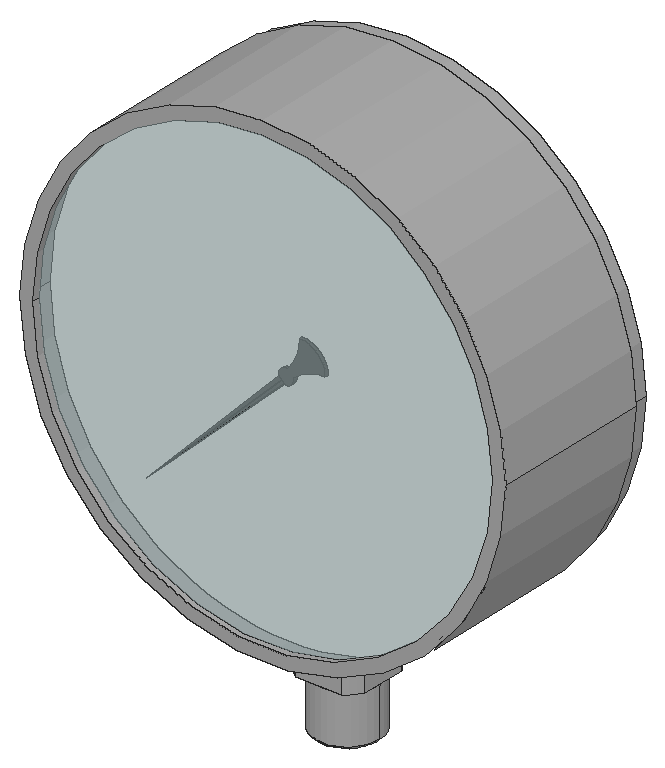
Revit family "РОСМА_МанометрКоррозионностТочнИзмерКорректирНуля", category Арматура трубопроводов, Revit 2018
Family settings
  Размер круглого соединителя = Использовать диаметр
  Тип детали = Вставляется
  На основе рабочей плоскости = Нет
  Всегда вертикально = Да
  При загрузке вырезать с полостями = Нет
  Общий = Нет
Parameters (values of type "621")
  Техническая документация = "ТУ 4212-001-4719015564-2008; ГОСТ 2405–88"  # constant formula
  Присоединение = "Радиальное"  # constant formula
  Межпроверочный интервал = "2 года"  # constant formula
  Климатическое исполнение = "Группа Д2 по ГОСТ Р 52931; климатическое исполнение УХЛ категории 1.1 по ГОСТ 15150"  # constant formula
  Ду [instance] = DN  # 15 mm
  Диапазон раб. температур при поверке = "23±5°C"  # constant formula
  Диапазон раб. температур окр. среды = "−60°C…+60°C"  # constant formula
  Диапазон раб. температур измер. среды = "−30°C…+100°C"  # constant formula
  Описание = "Тип ТВ — МТИ, серия 21. Манометры точных измерений коррозионностойкие применяются для измерения давления агрессивных жидких и газообразных, не вязких и не кристаллизующихся сред, в том числе газообразного и водного раствора аммиака и сероводородсодержащих сред."  # constant formula
  Код IP = "IP54"
  Класс точности = "0,6"
  Исполнение = 621
  Изготовитель = "ЗАО \"РОСМА\""
  Давление17 = ‎ : ТМ 0…60МПа
  Давление16 = ‎ : ТМ 0…40МПа
  Table = "спец_коррозионностойкий точных измерений с корректировкой нуля"  # constant formula
  Счетчик списка [instance] = if(Диапазон давлений = Давление01, 1, if(Диапазон давлений = Давление03, 3, if(Диапазон давлений = Давление04, 4, if(Диапазон давлений = Давление05, 5, if(Диапазон давлений = Давление06, 6, if(Диапазон давлений = Давление07, 7, if(Диапазон давлений = Давление08, 8, if(Диапазон давлений = Давление09, 9, if(Диапазон давлений = Давление10, 10, if(Диапазон давлений = Давление11, 11, if(Диапазон давлений = Давление12, 12, if(Диапазон давлений = Давление13, 13, if(Диапазон давлений = Давление14, 14, if(Диапазон давлений = Давление15, 15, if(Диапазон давлений = Давление19, 19, if(Диапазон давлений = Давление20, 20, if(Диапазон давлений = Давление21, 21, if(Диапазон давлений = Давление22, 22, if(Диапазон давлений = Давление23, 23, if(Диапазон давлений = Давление24, 24, if(Диапазон давлений = Давление17, 17, if(Диапазон давлений = Давление16, 16, 25))))))))))))))))))))))  # 17
  G [instance] = "M20"  # constant formula
  Dполости_переднСт = D2 - 6 mm  # 141 mm
  DN = 15.00 mm
  Длина стрелки = D2 / 2 - 15 mm  # 58.5 mm
  Диапазон давлений [instance] = ‎ : ТМ 0…60МПа
  Давление24 = ‎ : ТМВ -0.1…2.4МПа
  Давление23 = ‎ : ТМВ -0.1…1.5МПа
  Давление22 = ‎ : ТМВ -0.1…0.9МПа
  Давление21 = ‎ : ТМВ -0.1…0.5МПа
  Давление20 = ‎ : ТМВ -0.1…0.3МПа
  Давление19 = ‎ : ТМВ -0.1…0.15МПа
  Давление15 = ‎ : ТМ 0…25МПа
  Давление09 = ‎ : ТМ 0…1.6МПа
  Давление08 = ‎ : ТМ 0…1.0МПа
  Давление07 = ‎ : ТМ 0…0.6МПа
  Давление06 = ‎ : ТМ 0…0.4МПа
  Давление05 = ‎ : ТМ 0…0.25МПа
  Давление04 = ‎ : ТМ 0…0.16МПа
  Давление03 = ‎ : ТМ 0…0.1МПа
  Давление14 = ‎ : ТМ 0…16МПа
  Давление13 = ‎ : ТМ 0…10МПа
  Давление12 = ‎ : ТМ 0…6МПа
  Давление11 = ‎ : ТМ 0…4МПа
  Давление10 = ‎ : ТМ 0…2.5МПа
  Давление01 = ‎ : ТВ -0.1…0МПа
  Группа модели = "Оборудование"
  f = 15 mm
  e = 10 mm
  b-e = 5 mm
  b = 55 mm
  Youtube clip = ""
  URL = "https://rosma.spb.ru/manometers/manometry-tochnyh-izmerenij-korrozionnostojkie-s-korrektirovkoj-nulya/"
  S = 22 mm
  Rg2 = S / 2 + 6 mm  # 17 mm
  Rg1 = S / 2 + 2 mm  # 13 mm
  R_Logo = 25 mm
  R2 шкала = 59 mm
  R1 шкала = 60 mm
  h_rezba = 17 mm
  Lgol = 2 mm
  h_гайки = 17 mm
  Drezba = 20 mm
  Dgol = Drezba - 2 mm  # 18 mm
  Ddempfer = 6 mm
  D2 = 147 mm
  D2/2 = D2 / 2  # 73.5 mm
  D1 = 149 mm
  Copyright = "EPICON"  # constant formula
  Author (e-mail) = "project@epicon.biz"  # constant formula
  ADSK_Примечание [instance] = ""
  ADSK_Позиция [instance] = ""
  ADSK_Наименование [instance] = size_lookup(Table, "ADSK_Наименование", "Нет в каталоге", Счетчик списка)  # "Манометр ТМ серия 21, МТИ"
  ADSK_Масса_Текст [instance] = size_lookup(Table, "ADSK_Масса_Текст", "Нет в каталоге", Счетчик списка)  # "0,94"
  ADSK_Марка [instance] = size_lookup(Table, "ADSK_Марка", "Нет в каталоге", Счетчик списка)  # "ТМ-621РМТИ.00(0-60MPa)М20х1,5.0,6"
  ADSK_Количество = 1  # constant formula
  ADSK_Код изделия [instance] = " "
  ADSK_Завод-изготовитель [instance] = size_lookup(Table, "ADSK_Завод-изготовитель", "Нет в каталоге", Счетчик списка)  # "ЗАО \"РОСМА\""
  ADSK_Единица измерения = "шт."
Reference planes
  plane 1 "По центру (Вперед/Назад)": y = 0
  plane 2: z = 0
  plane 3 "По центру (Влево/Вправо)": x = 0
  plane 4 "b1": y = 15.6
  plane 5 "f2": y = -33.4
  plane 6 "f1": y = -15.6
  plane 7: z = 90.5
  plane 8 "стекло": y = -31.4
  plane 9 "Табло": y = -16.6
  plane 10 "sr": x = 11
  plane 11 "sl": x = -11
  plane 12 "sb": y = 11
  plane 13 "sf": y = -11
  plane 14 "низкорпуса": z = 17
  plane 15: z = -17
  plane 16: z = -19
  plane 17: z = 53.422
Forms (mm)
  Extrusion 1, solid, material "_НержавеющCталь", detail levels fine
    sketch origin (0, 0, 17) x (-1, 0, 0) y (0, -1, 0)
      loop
        line (11, -11) -> (11, 11) -> (-11, 11) -> (-11, -11) -> (11, -11)
    from 0 to -17
  Extrusion 2, void
    sketch origin (0, 0, 17) x (-1, 0, 0) y (0, -1, 0)
      loop
        circle (0, 0) r 13
      loop
        circle (0, 0) r 17
    from 0 to -17
  Extrusion 3, solid, material "_НержавеющCталь", detail levels fine
    sketch origin (0, 0, 17) x (-1, 0, 0) y (0, -1, 0)
      loop
        circle (0, 0) r 10
    from -17 to -34
  Sweep 4, void
    path in 3D
      loop
        arc (-10, 0, -17) -> (0, -10, -17) -> (10, 0, -17) r 10
        arc (10, 0, -17) -> (0, 10, -17) -> (-10, 0, -17) r 10
    profile origin (0, 10, -17) x (0, 1, 0) y (0, 0, -1)
      loop
        line (0, 0) -> (-1.016, 0) -> (0, -1.016) -> (0, 0)
  Sweep 5, void
    path in 3D
      loop
        arc (-10, 0, 0) -> (0, 10, 0) -> (10, 0, 0) r 10
        arc (10, 0, 0) -> (0, -10, 0) -> (-10, 0, 0) r 10
    profile origin (0, -10, 0) x (0, -1, 0) y (0, 0, 1)
      loop
        line (0, 0) -> (-1, 0) -> (0, -1) -> (0, 0)
  Extrusion 6, solid, material "_Нержавеющая сталь", detail levels fine
    sketch origin (-21.391, -1524, 2) x (-1, 0, 0) y (0, -1, 0)
      loop
        circle (-21.391, -1524) r 3
    from -21 to -2
Cuts and joins
  Extrusion 2, Sweep 5 cuts Extrusion 1
  Sweep 4, Sweep 5 cuts Extrusion 3
  joined: Extrusion 1, Extrusion 3
Lines and regions (mm)
  sketch lines
    curve 1: arc (10, 0, -17) -> (0, 10, -17) -> (-10, 0, -17) r 10
    curve 2: arc (-10, 0, -17) -> (0, -10, -17) -> (10, 0, -17) r 10
    curve 3: arc (10, 0, 0) -> (0, -10, 0) -> (-10, 0, 0) r 10
    curve 4: arc (-10, 0, 0) -> (0, 10, 0) -> (10, 0, 0) r 10
Dimensions and locks
  plane 5 "f2" to plane 1 "По центру (Вперед/Назад)" = 33.4 mm
  plane 1 "По центру (Вперед/Назад)" to plane 6 "f1" = 15.6 mm
  plane 4 "b1" to plane 1 "По центру (Вперед/Назад)" = 15.6 mm
  plane 8 "стекло" to plane 5 "f2" = 2 mm
  locked: plane 6 "f1" to plane 9 "Табло" at 1
  plane 3 "По центру (Влево/Вправо)" to plane 10 "sr" = 11 mm
  plane 11 "sl" to plane 3 "По центру (Влево/Вправо)" = 11 mm
  "D2/2": plane 7 to plane 14 "низкорпуса"
  plane 7 to plane 15 = 107.5 mm
  "h_гайки": plane 14 "низкорпуса" to plane 2
  equal spacing: plane 12 "sb", plane 1 "По центру (Вперед/Назад)", plane 13 "sf"
  equal spacing: plane 11 "sl", plane 3 "По центру (Влево/Вправо)", plane 10 "sr"
  "S": plane 11 "sl" to plane 10 "sr"
  "S": plane 12 "sb" to plane 13 "sf"
  "h_rezba": plane 2 to plane 15
  "Lgol": plane 15 to plane 16
  plane 17 to plane 14 "низкорпуса" = 36.422 mm
  "Rg1": radius of Extrusion 2 sketch curve
  "Rg2": radius of Extrusion 2 sketch curve
  "Drezba": diameter of Extrusion 3 sketch curve
  "Ddempfer": diameter of Extrusion 6 sketch curve
  aligned and locked: level to plane 2
  aligned and locked: plane 14 "низкорпуса" to cut or joined group of Extrusion 1, Extrusion 2, Extrusion 3, Sweep 4, Sweep 5
  aligned and locked: plane 14 "низкорпуса" to Extrusion 2
  aligned and locked: Extrusion 2 to Extrusion 1
  aligned and locked: cut or joined group of Extrusion 1, Extrusion 2, Extrusion 3, Sweep 4, Sweep 5 to plane 15
  aligned and locked: plane 2 to cut or joined group of Extrusion 1, Extrusion 2, Extrusion 3, Sweep 4, Sweep 5
  aligned and locked: Extrusion 6 to plane 16
  aligned and locked: cut or joined group of Extrusion 1, Extrusion 2, Extrusion 3, Sweep 4, Sweep 5 to plane 2
  aligned and locked: plane 2 to Extrusion 6
  aligned and locked: plane 7 to nested 2
  aligned and locked: plane 3 "По центру (Влево/Вправо)" to nested 2
  aligned and locked: plane 1 "По центру (Вперед/Назад)" to nested 2
  aligned and locked: plane 3 "По центру (Влево/Вправо)" to nested 3
  aligned and locked: plane 1 "По центру (Вперед/Назад)" to nested 3
Automatic sketch dimensions
  Extrusion 1 sketch curve to plane 10 "sr" = 0 mm
  Extrusion 1 sketch curve to plane 11 "sl" = 0 mm
  Extrusion 1 sketch curve to plane 12 "sb" = 0 mm
  Extrusion 1 sketch curve to plane 13 "sf" = 0 mm
  profile plane to Sweep 4 sketch curve = 0 mm
  Sweep 4 sketch curve to profile plane = 0 mm
  profile plane to Sweep 4 sketch curve = 1.016 mm
  Sweep 4 sketch curve to profile plane = 1.016 mm
  Sweep 5 sketch curve to profile plane = 0 mm  (x2)
  profile plane to Sweep 5 sketch curve = 1 mm
  Sweep 5 sketch curve to profile plane = 1 mm
  plane 1 "По центру (Вперед/Назад)" to Extrusion 3 sketch curve = 0 mm
  Extrusion 3 sketch curve to plane 3 "По центру (Влево/Вправо)" = 0 mm
  plane 1 "По центру (Вперед/Назад)" to Extrusion 6 sketch curve = 0 mm
  Extrusion 6 sketch curve to plane 3 "По центру (Влево/Вправо)" = 0 mm
  Extrusion 2 sketch curve to Extrusion 2 sketch curve = 0 mm  (x2)
  plane 1 "По центру (Вперед/Назад)" to Extrusion 2 sketch curve = 0 mm
  Extrusion 2 sketch curve to plane 3 "По центру (Влево/Вправо)" = 0 mm
Nested families
  nested 1: "‎" at (-85.407, -40.5, 0), type "ТВ -0.1…0МПа"
  nested 2: "Корпус манометра_КоррозионностТочнИзмКорректировкНуля" at (0, 0, 90.5), Dполости_переднСт <- "Dполости_переднСт", R2_шкала <- "R2 шкала", R1_шкала <- "R1 шкала", D1 <- "D1", D2 <- "D2", Диаметр полости <- "D2", R_лого <- "R_Logo", Длина стрелки <- "Длина стрелки", e <- "e", b-е <- "b-e", b <- "b", type "ТМ", detail levels fine
    with лого_задн_стенка yes, Угол раскрытия 0.00°, Материал корпуса _НержавеющCталь, Длина стрелки 58.5 mm, Диаметр полости 147 mm, e 10 mm, b-е 5 mm, b 55 mm, R_лого 25 mm, R2_шкала 59 mm, R1_шкала 60 mm, N2_шкала 0, N1_шкала 0, Dполости_переднСт 141 mm, D2 147 mm, D1 149 mm
  nested 3: "DAA_УГО_МанометрПоказывающий_ГОСТ21.208-2013" at (0, 0, 0), type "DAA_УГО_МанометрПоказывающий_ГОСТ21.208-2013", detail levels coarse+medium
Connectors
  piping at (0, 0, 0), diameter 15, driven by "DN"
    settings: on Extrusion 6, index 1, connector inside diameter 609.6 mm, connector length 0 mm, flow factor 0, pipe flow 0.0 L/s, pressure drop 0 MPa, fitting loss kfactor 0, connector angle 0.00°, fixture units 0, engagement length 0 mm, angle of deflection 0.00°, flow configuration 0, flow direction 0, fitting loss method 0, system type 7, joint type 0, gender type 0, connector reference index -1, connector utility 0, adjustable connector no, is connector primary yes, connector description ""
Definition of nested family "Корпус манометра_КоррозионностТочнИзмКорректировкНуля"
  Parameters (values of type "ТМ")
    лого_задн_стенка [instance] = yes
    блокировка = 16.236 mm
    блок = 0 mm
    Угол раскрытия [instance] = 0.00°
    Description = ""
    Материал корпуса [instance] = none
    Manufacturer = ""
    Длина стрелки [instance] = 30.558 mm
    Диаметр полости [instance] = 98 mm
    Model = "Оборудование"
    e [instance] = 13.8 mm
    b-е [instance] = 5 mm
    b [instance] = 55 mm
    URL = ""
    R_лого [instance] = 21.217 mm
    N2_шкала [instance] = 0
    N1_шкала [instance] = 0
    Dполости_переднСт [instance] = 70 mm
    D2 [instance] = 98 mm
    D1 [instance] = 100 mm
    Copyright = "ЭПИКОН"  # constant formula
    Author (e-mail) = "https://epicon.biz"  # constant formula
    R2_шкала [instance] = 80 mm
    R1_шкала [instance] = 60 mm
  Reference planes
    plane 1 "По центру (Вперед/Назад)": y = 0
    plane 2: z = 0
    plane 3 "По центру (Влево/Вправо)": x = 0
    plane 4 "задняя стенка": y = 20.6
    plane 5 "f2": y = -34.4
    plane 6 "f1": y = -20.6
    plane 7 "стекло": y = -32.4
    plane 8 "Табло": y = -21.6
    plane 9 "sr": x = 11
    plane 10 "sl": x = -11
    plane 11 "sb": y = 11
    plane 12 "sf": y = -11
    plane 13: z = -49
    plane 14: through (-2.116, -1524, -0.789) normal (0.7071, 0, 0.7071)
    plane 15: through (0, -1524, 0) normal (0.7071, 0, -0.7071)
    plane 16: through (0, -1524, 0) normal (0.7071, 0, -0.7071)
    plane 17: through (-25.815, -1524, -20.305) normal (0.7071, 0, 0.7071)
    plane 18: y = 15.6
    plane 19 "толщина стрелки": y = -21.6
    plane 20: y = 15.6
  Forms (mm)
    Extrusion 1, void
      sketch origin (-603.868, 0, -179.968) x (1, 0, 0) y (0, 0, 1)
        loop
          circle (603.868, 179.968) r 49
      from -15.6 to 32.4
    Extrusion 2, solid, detail levels fine
      sketch origin (-355.068, -32.4, -174.854) x (-1, 0, 0) y (0, 0, 1)
        loop
          circle (-355.068, 174.854) r 49
      from 0 to 2
    Extrusion 3, solid, material <- "Материал корпуса", detail levels fine
      sketch origin (-402.089, 0, -169.881) x (1, 0, 0) y (0, 0, 1)
        loop
          circle (402.089, 169.881) r 50
      from -15.6 to 34.4
    Extrusion 4, solid, material <- "Материал корпуса", detail levels fine
      sketch origin (-312.609, 0, -285.527) x (1, 0, 0) y (0, 0, 1)
        loop
          circle (312.609, 285.527) r 49
      from -20.6 to 20.6
    Extrusion 5, solid, detail levels fine
      sketch origin (-55.684, -21.6, 0) x (-1, 0, 0) y (0, 0, 1)
        loop
          arc (-56.075, 2.339) -> (-58.877, 6.819) -> (-59.807, 12.021) r 13.923
          arc (-59.807, 12.021) -> (-65.373, 9.716) -> (-67.678, 4.15) r 7.871
          arc (-67.678, 4.15) -> (-62.461, 3.301) -> (-58.013, 0.444) r 12.998
          arc (-58.013, 0.444) -> (-54.026, -1.695) -> (-56.075, 2.339) r 2.371
      from 0 to 1
    Extrusion 6, solid
      sketch origin (0, -21.6, 0) x (-1, 0, 0) y (0, 0, 1)
        loop
          line (23.06, -23.06) -> (2.291, -0.614) -> (1.452, -1.452) -> (23.06, -23.06)
      from 0 to 1
    Extrusion 7, solid
      sketch origin (0, -21.6, 0) x (0, 0, -1) y (-1, 0, 0)
        loop
          line (23.06, 23.06) -> (1.452, 1.452) -> (2.291, 0.614) -> (23.06, 23.06)
      from 0 to 1
    Extrusion 8, void
      sketch origin (0, -21.6, 0) x (-1, 0, 0) y (0, 0, 1)
        loop
          circle (0, 0) r 35
      from -12.8 to -10.8
  Cuts and joins
    Extrusion 1, Extrusion 8 cuts Extrusion 3
  Lines and regions (mm)
    model lines, visible <- "лого_задн_стенка", not visible
      curve 1: line (97.62, 20.6, 6.514) -> (97.62, 20.6, 2.045)
      curve 2: line (97.62, 20.6, 2.045) -> (96.54, 20.6, 2.045)
      curve 3: line (96.54, 20.6, 2.045) -> (96.54, 20.6, 3.335)
      curve 4: line (96.54, 20.6, 3.335) -> (95.49, 20.6, 3.335)
      curve 5: line (95.712, 20.6, 6.514) -> (97.62, 20.6, 6.514)
      curve 6: arc (95.712, 20.6, 6.514) -> (94.35, 20.6, 5.012) -> (95.49, 20.6, 3.335) r 1.639
      curve 7: line (95.834, 20.6, 5.755) -> (96.697, 20.6, 5.755)
      curve 8: line (96.697, 20.6, 5.755) -> (96.697, 20.6, 4.198)
      curve 9: line (96.697, 20.6, 4.198) -> (95.834, 20.6, 4.198)
      curve 10: arc (95.834, 20.6, 5.755) -> (95.056, 20.6, 4.977) -> (95.834, 20.6, 4.198) r 0.779
      curve 11: circle (91.712, 20.6, 4.198) r 2.25 normal (0, -1, 0)
      curve 12: circle (91.712, 20.6, 4.198) r 1.301 normal (0, -1, 0)
      curve 13: arc (85.593, 20.6, 5.171) -> (87.99, 20.6, 4.265) -> (85.603, 20.6, 3.335) r 1.372
      curve 14: arc (84.964, 20.6, 2.754) -> (88.939, 20.6, 4.277) -> (84.964, 20.6, 5.801) r 2.28
      curve 15: line (84.964, 20.6, 5.801) -> (85.593, 20.6, 5.171)
      curve 16: line (85.603, 20.6, 3.335) -> (84.964, 20.6, 2.754)
      curve 17: line (84.167, 20.6, 2.029) -> (84.167, 20.6, 6.597)
      curve 18: line (84.167, 20.6, 6.597) -> (83.045, 20.6, 6.597)
      curve 19: line (83.045, 20.6, 6.597) -> (81.77, 20.6, 3.983)
      curve 20: line (81.77, 20.6, 3.983) -> (80.438, 20.6, 6.597)
      curve 21: line (80.438, 20.6, 6.597) -> (79.394, 20.6, 6.597)
      curve 22: line (79.394, 20.6, 6.597) -> (79.394, 20.6, 2.029)
      curve 23: line (79.394, 20.6, 2.029) -> (80.365, 20.6, 2.029)
      curve 24: line (80.365, 20.6, 2.029) -> (80.365, 20.6, 4.099)
      curve 25: line (80.365, 20.6, 4.099) -> (81.305, 20.6, 2.595)
      curve 26: line (81.305, 20.6, 2.595) -> (82.194, 20.6, 2.595)
      curve 27: line (82.194, 20.6, 2.595) -> (83.119, 20.6, 4.134)
      curve 28: line (83.119, 20.6, 4.134) -> (83.119, 20.6, 2.029)
      curve 29: line (83.119, 20.6, 2.029) -> (84.167, 20.6, 2.029)
      curve 30: line (78.906, 20.6, 2.029) -> (77.704, 20.6, 6.517)
      curve 31: line (77.704, 20.6, 6.517) -> (76.253, 20.6, 6.517)
      curve 32: line (76.253, 20.6, 6.517) -> (75.05, 20.6, 2.029)
      curve 33: line (75.05, 20.6, 2.029) -> (76.023, 20.6, 2.029)
      curve 34: line (76.023, 20.6, 2.029) -> (76.374, 20.6, 3.173)
      curve 35: line (76.374, 20.6, 3.173) -> (77.569, 20.6, 3.173)
      curve 36: line (77.569, 20.6, 3.173) -> (77.92, 20.6, 2.029)
      curve 37: line (77.92, 20.6, 2.029) -> (78.906, 20.6, 2.029)
      curve 38: line (77.47, 20.6, 4.202) -> (76.506, 20.6, 4.202)
      curve 39: line (76.506, 20.6, 4.202) -> (76.95, 20.6, 5.65)
      curve 40: line (76.95, 20.6, 5.65) -> (77.47, 20.6, 4.202)
      curve 41: arc (87.126, 20.6, 18.346) -> (89.931, 20.6, 13.899) -> (85.119, 20.6, 11.78) r 3.471
      curve 42: arc (87.164, 20.6, 20.585) -> (92.034, 20.6, 12.938) -> (83.388, 20.6, 10.21) r 5.715
      curve 43: line (83.388, 20.6, 10.21) -> (85.119, 20.6, 11.78)
      curve 44: line (87.126, 20.6, 18.346) -> (87.126, 20.6, 17.124)
      curve 45: line (87.126, 20.6, 17.124) -> (84.252, 20.6, 19.536)
      curve 46: line (84.252, 20.6, 19.536) -> (87.126, 20.6, 21.948)
      curve 47: line (87.126, 20.6, 21.948) -> (87.164, 20.6, 20.585)
      curve 48: arc (83.468, 20.6, 20.663) -> (79.577, 20.6, 17.734) -> (82.187, 20.6, 13.622) r 3.59
      curve 49: arc (82.763, 20.6, 18.317) -> (81.865, 20.6, 17.051) -> (82.819, 20.6, 15.827) r 1.3
      curve 50: line (83.468, 20.6, 20.663) -> (82.175, 20.6, 19.499)
      curve 51: line (82.175, 20.6, 19.499) -> (83.518, 20.6, 18.332)
      curve 52: line (83.518, 20.6, 18.332) -> (82.763, 20.6, 18.317)
      curve 53: line (82.819, 20.6, 15.827) -> (86.12, 20.6, 15.827)
      curve 54: line (86.12, 20.6, 15.827) -> (86.917, 20.6, 15.03)
      curve 55: line (86.917, 20.6, 15.03) -> (81.209, 20.6, 9.322)
      curve 56: line (81.209, 20.6, 9.322) -> (79.962, 20.6, 11.397)
      curve 57: line (79.962, 20.6, 11.397) -> (82.187, 20.6, 13.622)
    model lines, detail levels fine
      curve 58: line (60.033, -20.6, -60.174) -> (58.238, -20.6, -58.379)
      curve 59: line (-60.174, -20.6, -60.033) -> (-58.379, -20.6, -58.238)
      curve 60: line (63.15, -20.6, -56.894) -> (61.262, -20.6, -55.197)
      curve 61: line (66.088, -20.6, -53.453) -> (64.113, -20.6, -51.858)
      curve 62: line (68.885, -20.6, -49.797) -> (66.826, -20.6, -48.312)
      curve 63: line (71.452, -20.6, -46.038) -> (69.316, -20.6, -44.666)
      curve 64: line (73.813, -20.6, -42.148) -> (71.607, -20.6, -40.892)
      curve 65: line (75.963, -20.6, -38.137) -> (73.693, -20.6, -37)
      curve 66: line (77.896, -20.6, -34.016) -> (75.568, -20.6, -33.003)
      curve 67: line (79.605, -20.6, -29.798) -> (77.226, -20.6, -28.911)
      curve 68: line (81.086, -20.6, -25.494) -> (78.663, -20.6, -24.736)
      curve 69: line (82.334, -20.6, -21.118) -> (79.874, -20.6, -20.49)
      curve 70: line (83.346, -20.6, -16.681) -> (80.857, -20.6, -16.185)
      curve 71: line (84.12, -20.6, -12.196) -> (81.607, -20.6, -11.835)
      curve 72: line (84.652, -20.6, -7.676) -> (82.123, -20.6, -7.45)
      curve 73: line (84.941, -20.6, -3.134) -> (82.404, -20.6, -3.043)
      curve 74: line (84.987, -20.6, 1.417) -> (82.449, -20.6, 1.372)
      curve 75: line (84.79, -20.6, 5.964) -> (82.258, -20.6, 5.783)
      curve 76: line (84.349, -20.6, 10.494) -> (81.83, -20.6, 10.177)
      curve 77: line (83.666, -20.6, 14.993) -> (81.168, -20.6, 14.543)
      curve 78: line (82.744, -20.6, 19.45) -> (80.273, -20.6, 18.866)
      curve 79: line (81.584, -20.6, 23.851) -> (79.149, -20.6, 23.136)
      curve 80: line (80.191, -20.6, 28.183) -> (77.797, -20.6, 27.339)
      curve 81: line (78.567, -20.6, 32.435) -> (76.222, -20.6, 31.464)
      curve 82: line (76.718, -20.6, 36.594) -> (74.429, -20.6, 35.498)
      curve 83: line (74.65, -20.6, 40.648) -> (72.422, -20.6, 39.431)
      curve 84: line (72.367, -20.6, 44.585) -> (70.208, -20.6, 43.251)
      curve 85: line (69.877, -20.6, 48.395) -> (67.792, -20.6, 46.947)
      curve 86: line (67.187, -20.6, 52.065) -> (65.182, -20.6, 50.508)
      curve 87: line (64.304, -20.6, 55.587) -> (62.385, -20.6, 53.924)
      curve 88: line (61.236, -20.6, 58.949) -> (59.409, -20.6, 57.186)
      curve 89: line (57.993, -20.6, 62.142) -> (56.263, -20.6, 60.284)
      curve 90: line (54.584, -20.6, 65.157) -> (52.956, -20.6, 63.209)
      curve 91: line (51.018, -20.6, 67.985) -> (49.497, -20.6, 65.953)
      curve 92: line (47.306, -20.6, 70.618) -> (45.896, -20.6, 68.508)
      curve 93: line (43.459, -20.6, 73.049) -> (42.163, -20.6, 70.866)
      curve 94: line (39.486, -20.6, 75.271) -> (38.31, -20.6, 73.021)
      curve 95: line (35.401, -20.6, 77.276) -> (34.346, -20.6, 74.967)
      curve 96: line (31.214, -20.6, 79.06) -> (30.285, -20.6, 76.698)
      curve 97: line (26.938, -20.6, 80.618) -> (26.136, -20.6, 78.209)
      curve 98: line (22.584, -20.6, 81.944) -> (21.912, -20.6, 79.496)
      curve 99: line (18.166, -20.6, 83.035) -> (17.626, -20.6, 80.555)
      curve 100: line (13.695, -20.6, 83.888) -> (13.289, -20.6, 81.383)
      curve 101: line (9.186, -20.6, 84.501) -> (8.914, -20.6, 81.977)
      curve 102: line (4.65, -20.6, 84.872) -> (4.514, -20.6, 82.337)
      curve 103: line (0.1, -20.6, 84.999) -> (0.1, -20.6, 82.461)
      curve 104: line (-4.449, -20.6, 84.883) -> (-4.314, -20.6, 82.348)
      curve 105: line (-8.986, -20.6, 84.523) -> (-8.715, -20.6, 81.999)
      curve 106: line (-13.498, -20.6, 83.921) -> (-13.091, -20.6, 81.415)
      curve 107: line (-17.97, -20.6, 83.078) -> (-17.43, -20.6, 80.597)
      curve 108: line (-22.391, -20.6, 81.997) -> (-21.719, -20.6, 79.549)
      curve 109: line (-26.748, -20.6, 80.681) -> (-25.946, -20.6, 78.272)
      curve 110: line (-31.028, -20.6, 79.134) -> (-30.098, -20.6, 76.771)
      curve 111: line (-35.219, -20.6, 77.359) -> (-34.164, -20.6, 75.05)
      curve 112: line (-39.309, -20.6, 75.363) -> (-38.132, -20.6, 73.114)
      curve 113: line (-43.286, -20.6, 73.151) -> (-41.991, -20.6, 70.968)
      curve 114: line (-47.14, -20.6, 70.73) -> (-45.729, -20.6, 68.619)
      curve 115: line (-50.858, -20.6, 68.105) -> (-49.337, -20.6, 66.073)
      curve 116: line (-54.43, -20.6, 65.285) -> (-52.802, -20.6, 63.338)
      curve 117: line (-57.847, -20.6, 62.279) -> (-56.117, -20.6, 60.421)
      curve 118: line (-61.097, -20.6, 59.093) -> (-59.27, -20.6, 57.33)
      curve 119: line (-64.172, -20.6, 55.738) -> (-62.254, -20.6, 54.076)
      curve 120: line (-67.064, -20.6, 52.224) -> (-65.059, -20.6, 50.666)
      curve 121: line (-69.763, -20.6, 48.559) -> (-67.678, -20.6, 47.111)
      curve 122: line (-72.262, -20.6, 44.756) -> (-70.102, -20.6, 43.421)
      curve 123: line (-74.554, -20.6, 40.824) -> (-72.326, -20.6, 39.607)
      curve 124: line (-76.632, -20.6, 36.775) -> (-74.342, -20.6, 35.679)
      curve 125: line (-78.491, -20.6, 32.62) -> (-76.145, -20.6, 31.649)
      curve 126: line (-80.124, -20.6, 28.372) -> (-77.73, -20.6, 27.528)
      curve 127: line (-81.528, -20.6, 24.043) -> (-79.092, -20.6, 23.328)
      curve 128: line (-82.698, -20.6, 19.645) -> (-80.227, -20.6, 19.061)
      curve 129: line (-83.631, -20.6, 15.19) -> (-81.133, -20.6, 14.74)
      curve 130: line (-84.324, -20.6, 10.692) -> (-81.805, -20.6, 10.376)
      curve 131: line (-84.775, -20.6, 6.164) -> (-82.243, -20.6, 5.983)
      curve 132: line (-84.984, -20.6, 1.617) -> (-82.446, -20.6, 1.572)
      curve 133: line (-84.948, -20.6, -2.934) -> (-82.412, -20.6, -2.843)
      curve 134: line (-84.67, -20.6, -7.476) -> (-82.141, -20.6, -7.25)
      curve 135: line (-84.148, -20.6, -11.997) -> (-81.635, -20.6, -11.636)
      curve 136: line (-83.385, -20.6, -16.484) -> (-80.896, -20.6, -15.989)
      curve 137: line (-82.383, -20.6, -20.924) -> (-79.924, -20.6, -20.296)
      curve 138: line (-81.145, -20.6, -25.303) -> (-78.723, -20.6, -24.545)
      curve 139: line (-79.675, -20.6, -29.61) -> (-77.296, -20.6, -28.723)
      curve 140: line (-77.976, -20.6, -33.832) -> (-75.648, -20.6, -32.819)
      curve 141: line (-76.053, -20.6, -37.957) -> (-73.783, -20.6, -36.821)
      curve 142: line (-73.912, -20.6, -41.974) -> (-71.707, -20.6, -40.718)
      curve 143: line (-71.56, -20.6, -45.87) -> (-69.424, -20.6, -44.497)
      curve 144: line (-69.002, -20.6, -49.634) -> (-66.943, -20.6, -48.149)
      curve 145: line (-66.247, -20.6, -53.256) -> (-64.27, -20.6, -51.663)
      curve 146: line (-63.301, -20.6, -56.726) -> (-61.413, -20.6, -55.029)
      curve 147: line (43.52, -20.6, -43.52) -> (41.332, -20.6, -41.332)
      curve 148: line (-43.52, -20.6, -43.52) -> (-41.332, -20.6, -41.332)
      curve 149: line (60.365, -20.6, -12.007) -> (57.33, -20.6, -11.404)
      curve 150: line (56.862, -20.6, 23.553) -> (54.003, -20.6, 22.369)
      curve 151: line (34.194, -20.6, 51.175) -> (32.475, -20.6, 48.602)
      curve 152: line (0, -20.6, 61.547) -> (0, -20.6, 58.453)
      curve 153: line (-34.194, -20.6, 51.175) -> (-32.475, -20.6, 48.602)
      curve 154: line (-56.862, -20.6, 23.553) -> (-54.003, -20.6, 22.369)
      curve 155: line (-60.365, -20.6, -12.007) -> (-57.33, -20.6, -11.404)
    model lines, not visible, detail levels fine
      curve 156: line (248.297, -16.6, -114.05) -> (246.109, -16.6, -111.861)
      curve 157: line (264.809, -16.6, -130.703) -> (263.014, -16.6, -128.908)
      curve 217: line (60.033, -16.6, -60.174) -> (58.238, -16.6, -58.379)
      curve 218: line (-60.174, -16.6, -60.033) -> (-58.379, -16.6, -58.238)
      curve 219: line (63.15, -16.6, -56.894) -> (61.262, -16.6, -55.197)
      curve 220: line (66.088, -16.6, -53.453) -> (64.113, -16.6, -51.858)
      curve 221: line (68.885, -16.6, -49.797) -> (66.826, -16.6, -48.312)
      curve 222: line (71.452, -16.6, -46.038) -> (69.316, -16.6, -44.666)
      curve 223: line (73.813, -16.6, -42.148) -> (71.607, -16.6, -40.892)
      curve 224: line (75.963, -16.6, -38.137) -> (73.693, -16.6, -37)
      curve 225: line (77.896, -16.6, -34.016) -> (75.568, -16.6, -33.003)
      curve 226: line (79.605, -16.6, -29.798) -> (77.226, -16.6, -28.911)
      curve 227: line (81.086, -16.6, -25.494) -> (78.663, -16.6, -24.736)
      curve 228: line (82.334, -16.6, -21.118) -> (79.874, -16.6, -20.49)
      curve 229: line (83.346, -16.6, -16.681) -> (80.857, -16.6, -16.185)
      curve 230: line (84.12, -16.6, -12.196) -> (81.607, -16.6, -11.835)
      curve 231: line (84.652, -16.6, -7.676) -> (82.123, -16.6, -7.45)
      curve 232: line (84.941, -16.6, -3.134) -> (82.404, -16.6, -3.043)
      curve 233: line (84.987, -16.6, 1.417) -> (82.449, -16.6, 1.372)
      curve 234: line (84.79, -16.6, 5.964) -> (82.258, -16.6, 5.783)
      curve 235: line (84.349, -16.6, 10.494) -> (81.83, -16.6, 10.177)
      curve 236: line (83.666, -16.6, 14.993) -> (81.168, -16.6, 14.543)
      curve 237: line (82.744, -16.6, 19.45) -> (80.273, -16.6, 18.866)
      curve 238: line (81.584, -16.6, 23.851) -> (79.149, -16.6, 23.136)
      curve 239: line (80.191, -16.6, 28.183) -> (77.797, -16.6, 27.339)
      curve 240: line (78.567, -16.6, 32.435) -> (76.222, -16.6, 31.464)
      curve 241: line (76.718, -16.6, 36.594) -> (74.429, -16.6, 35.498)
      curve 242: line (74.65, -16.6, 40.648) -> (72.422, -16.6, 39.431)
      curve 243: line (72.367, -16.6, 44.585) -> (70.208, -16.6, 43.251)
      curve 244: line (69.877, -16.6, 48.395) -> (67.792, -16.6, 46.947)
      curve 245: line (67.187, -16.6, 52.065) -> (65.182, -16.6, 50.508)
      curve 246: line (64.304, -16.6, 55.587) -> (62.385, -16.6, 53.924)
      curve 247: line (61.236, -16.6, 58.949) -> (59.409, -16.6, 57.186)
      curve 248: line (57.993, -16.6, 62.142) -> (56.263, -16.6, 60.284)
      curve 249: line (54.584, -16.6, 65.157) -> (52.956, -16.6, 63.209)
      curve 250: line (51.018, -16.6, 67.985) -> (49.497, -16.6, 65.953)
      curve 251: line (47.306, -16.6, 70.618) -> (45.896, -16.6, 68.508)
      curve 252: line (43.459, -16.6, 73.049) -> (42.163, -16.6, 70.866)
      curve 253: line (39.486, -16.6, 75.271) -> (38.31, -16.6, 73.021)
      curve 254: line (35.401, -16.6, 77.276) -> (34.346, -16.6, 74.967)
      curve 255: line (31.214, -16.6, 79.06) -> (30.285, -16.6, 76.698)
      curve 256: line (26.938, -16.6, 80.618) -> (26.136, -16.6, 78.209)
      curve 257: line (22.584, -16.6, 81.944) -> (21.912, -16.6, 79.496)
      curve 258: line (18.166, -16.6, 83.035) -> (17.626, -16.6, 80.555)
      curve 259: line (13.695, -16.6, 83.888) -> (13.289, -16.6, 81.383)
      curve 260: line (9.186, -16.6, 84.501) -> (8.914, -16.6, 81.977)
      curve 261: line (4.65, -16.6, 84.872) -> (4.514, -16.6, 82.337)
      curve 262: line (0.1, -16.6, 84.999) -> (0.1, -16.6, 82.461)
      curve 263: line (-4.449, -16.6, 84.883) -> (-4.314, -16.6, 82.348)
      curve 264: line (-8.986, -16.6, 84.523) -> (-8.715, -16.6, 81.999)
      curve 265: line (-13.498, -16.6, 83.921) -> (-13.091, -16.6, 81.415)
      curve 266: line (-17.97, -16.6, 83.078) -> (-17.43, -16.6, 80.597)
      curve 267: line (-22.391, -16.6, 81.997) -> (-21.719, -16.6, 79.549)
      curve 268: line (-26.748, -16.6, 80.681) -> (-25.946, -16.6, 78.272)
      curve 269: line (-31.028, -16.6, 79.134) -> (-30.098, -16.6, 76.771)
      curve 270: line (-35.219, -16.6, 77.359) -> (-34.164, -16.6, 75.05)
      curve 271: line (-39.309, -16.6, 75.363) -> (-38.132, -16.6, 73.114)
      curve 272: line (-43.286, -16.6, 73.151) -> (-41.991, -16.6, 70.968)
      curve 273: line (-47.14, -16.6, 70.73) -> (-45.729, -16.6, 68.619)
      curve 274: line (-50.858, -16.6, 68.105) -> (-49.337, -16.6, 66.073)
      curve 275: line (-54.43, -16.6, 65.285) -> (-52.802, -16.6, 63.338)
      curve 276: line (-57.847, -16.6, 62.279) -> (-56.117, -16.6, 60.421)
      curve 277: line (-61.097, -16.6, 59.093) -> (-59.27, -16.6, 57.33)
      curve 278: line (-64.172, -16.6, 55.738) -> (-62.254, -16.6, 54.076)
      curve 279: line (-67.064, -16.6, 52.224) -> (-65.059, -16.6, 50.666)
      curve 280: line (-69.763, -16.6, 48.559) -> (-67.678, -16.6, 47.111)
      curve 281: line (-72.262, -16.6, 44.756) -> (-70.102, -16.6, 43.421)
      curve 282: line (-74.554, -16.6, 40.824) -> (-72.326, -16.6, 39.607)
      curve 283: line (-76.632, -16.6, 36.775) -> (-74.342, -16.6, 35.679)
      curve 284: line (-78.491, -16.6, 32.62) -> (-76.145, -16.6, 31.649)
      curve 285: line (-80.124, -16.6, 28.372) -> (-77.73, -16.6, 27.528)
      curve 286: line (-81.528, -16.6, 24.043) -> (-79.092, -16.6, 23.328)
      curve 287: line (-82.698, -16.6, 19.645) -> (-80.227, -16.6, 19.061)
      curve 288: line (-83.631, -16.6, 15.19) -> (-81.133, -16.6, 14.74)
      curve 289: line (-84.324, -16.6, 10.692) -> (-81.805, -16.6, 10.376)
      curve 290: line (-84.775, -16.6, 6.164) -> (-82.243, -16.6, 5.983)
      curve 291: line (-84.984, -16.6, 1.617) -> (-82.446, -16.6, 1.572)
      curve 292: line (-84.948, -16.6, -2.934) -> (-82.412, -16.6, -2.843)
      curve 293: line (-84.67, -16.6, -7.476) -> (-82.141, -16.6, -7.25)
      curve 294: line (-84.148, -16.6, -11.997) -> (-81.635, -16.6, -11.636)
      curve 295: line (-83.385, -16.6, -16.484) -> (-80.896, -16.6, -15.989)
      curve 296: line (-82.383, -16.6, -20.924) -> (-79.924, -16.6, -20.296)
      curve 297: line (-81.145, -16.6, -25.303) -> (-78.723, -16.6, -24.545)
      curve 298: line (-79.675, -16.6, -29.61) -> (-77.296, -16.6, -28.723)
      curve 299: line (-77.976, -16.6, -33.832) -> (-75.648, -16.6, -32.819)
      curve 300: line (-76.053, -16.6, -37.957) -> (-73.783, -16.6, -36.821)
      curve 301: line (-73.912, -16.6, -41.974) -> (-71.707, -16.6, -40.718)
      curve 302: line (-71.56, -16.6, -45.87) -> (-69.424, -16.6, -44.497)
      curve 303: line (-69.002, -16.6, -49.634) -> (-66.943, -16.6, -48.149)
      curve 304: line (-66.247, -16.6, -53.256) -> (-64.27, -16.6, -51.663)
      curve 305: line (-63.301, -16.6, -56.726) -> (-61.413, -16.6, -55.029)
      curve 306: line (43.52, -16.6, -43.52) -> (41.332, -16.6, -41.332)
      curve 307: line (-43.52, -16.6, -43.52) -> (-41.332, -16.6, -41.332)
      curve 308: line (60.365, -16.6, -12.007) -> (57.33, -16.6, -11.404)
      curve 309: line (56.862, -16.6, 23.553) -> (54.003, -16.6, 22.369)
      curve 310: line (34.194, -16.6, 51.175) -> (32.475, -16.6, 48.602)
      curve 311: line (0, -16.6, 61.547) -> (0, -16.6, 58.453)
      curve 312: line (-34.194, -16.6, 51.175) -> (-32.475, -16.6, 48.602)
      curve 313: line (-56.862, -16.6, 23.553) -> (-54.003, -16.6, 22.369)
      curve 314: line (-60.365, -16.6, -12.007) -> (-57.33, -16.6, -11.404)
    reference lines
      curve 158: line (-90.176, -21.6, 0) -> (118.621, -21.6, 0)
      curve 159: line (0, -21.6, 0) -> (-27.519, -21.6, -27.519)
      curve 315: line (-7.451, -20.6, 22) -> (6.301, -20.6, 22)
    model lines, visible <- "лого_задн_стенка"
      curve 160: line (10.608, 20.6, -16.198) -> (10.608, 20.6, -20.667)
      curve 161: line (10.608, 20.6, -20.667) -> (9.529, 20.6, -20.667)
      curve 162: line (9.529, 20.6, -20.667) -> (9.529, 20.6, -19.376)
      curve 163: line (9.529, 20.6, -19.376) -> (8.478, 20.6, -19.376)
      curve 164: line (8.7, 20.6, -16.198) -> (10.608, 20.6, -16.198)
      curve 165: arc (8.7, 20.6, -16.198) -> (7.338, 20.6, -17.7) -> (8.478, 20.6, -19.376) r 1.639
      curve 166: line (8.823, 20.6, -16.956) -> (9.685, 20.6, -16.956)
      curve 167: line (9.685, 20.6, -16.956) -> (9.685, 20.6, -18.514)
      curve 168: line (9.685, 20.6, -18.514) -> (8.823, 20.6, -18.514)
      curve 169: arc (8.823, 20.6, -16.956) -> (8.044, 20.6, -17.735) -> (8.823, 20.6, -18.514) r 0.779
      curve 170: circle (4.701, 20.6, -18.514) r 2.25 normal (0, -1, 0)
      curve 171: circle (4.701, 20.6, -18.514) r 1.301 normal (0, -1, 0)
      curve 172: arc (-1.418, 20.6, -17.541) -> (0.978, 20.6, -18.446) -> (-1.408, 20.6, -19.376) r 1.372
      curve 173: arc (-2.048, 20.6, -19.958) -> (1.928, 20.6, -18.434) -> (-2.048, 20.6, -16.911) r 2.28
      curve 174: line (-2.048, 20.6, -16.911) -> (-1.418, 20.6, -17.541)
      curve 175: line (-1.408, 20.6, -19.376) -> (-2.048, 20.6, -19.958)
      curve 176: line (-2.845, 20.6, -20.683) -> (-2.845, 20.6, -16.114)
      curve 177: line (-2.845, 20.6, -16.114) -> (-3.966, 20.6, -16.114)
      curve 178: line (-3.966, 20.6, -16.114) -> (-5.242, 20.6, -18.729)
      curve 179: line (-5.242, 20.6, -18.729) -> (-6.574, 20.6, -16.114)
      curve 180: line (-6.574, 20.6, -16.114) -> (-7.617, 20.6, -16.114)
      curve 181: line (-7.617, 20.6, -16.114) -> (-7.617, 20.6, -20.683)
      curve 182: line (-7.617, 20.6, -20.683) -> (-6.646, 20.6, -20.683)
      curve 183: line (-6.646, 20.6, -20.683) -> (-6.646, 20.6, -18.613)
      curve 184: line (-6.646, 20.6, -18.613) -> (-5.706, 20.6, -20.117)
      curve 185: line (-5.706, 20.6, -20.117) -> (-4.818, 20.6, -20.117)
      curve 186: line (-4.818, 20.6, -20.117) -> (-3.893, 20.6, -18.577)
      curve 187: line (-3.893, 20.6, -18.577) -> (-3.893, 20.6, -20.683)
      curve 188: line (-3.893, 20.6, -20.683) -> (-2.845, 20.6, -20.683)
      curve 189: line (-8.105, 20.6, -20.683) -> (-9.307, 20.6, -16.195)
      curve 190: line (-9.307, 20.6, -16.195) -> (-10.758, 20.6, -16.195)
      curve 191: line (-10.758, 20.6, -16.195) -> (-11.961, 20.6, -20.683)
      curve 192: line (-11.961, 20.6, -20.683) -> (-10.989, 20.6, -20.683)
      curve 193: line (-10.989, 20.6, -20.683) -> (-10.638, 20.6, -19.538)
      curve 194: line (-10.638, 20.6, -19.538) -> (-9.443, 20.6, -19.538)
      curve 195: line (-9.443, 20.6, -19.538) -> (-9.092, 20.6, -20.683)
      curve 196: line (-9.092, 20.6, -20.683) -> (-8.105, 20.6, -20.683)
      curve 197: line (-9.541, 20.6, -18.509) -> (-10.505, 20.6, -18.509)
      curve 198: line (-10.505, 20.6, -18.509) -> (-10.061, 20.6, -17.061)
      curve 199: line (-10.061, 20.6, -17.061) -> (-9.541, 20.6, -18.509)
      curve 200: arc (0.115, 20.6, -4.365) -> (2.92, 20.6, -8.813) -> (-1.893, 20.6, -10.931) r 3.471
      curve 201: arc (0.152, 20.6, -2.127) -> (5.022, 20.6, -9.774) -> (-3.624, 20.6, -12.502) r 5.715
      curve 202: line (-3.624, 20.6, -12.502) -> (-1.893, 20.6, -10.931)
      curve 203: line (0.115, 20.6, -4.365) -> (0.115, 20.6, -5.587)
      curve 204: line (0.115, 20.6, -5.587) -> (-2.76, 20.6, -3.175)
      curve 205: line (-2.76, 20.6, -3.175) -> (0.115, 20.6, -0.763)
      curve 206: line (0.115, 20.6, -0.763) -> (0.152, 20.6, -2.127)
      curve 207: arc (-3.543, 20.6, -2.048) -> (-7.434, 20.6, -4.977) -> (-4.825, 20.6, -9.089) r 3.59
      curve 208: arc (-4.249, 20.6, -4.394) -> (-5.147, 20.6, -5.66) -> (-4.193, 20.6, -6.884) r 1.3
      curve 209: line (-3.543, 20.6, -2.048) -> (-4.836, 20.6, -3.212)
      curve 210: line (-4.836, 20.6, -3.212) -> (-3.493, 20.6, -4.38)
      curve 211: line (-3.493, 20.6, -4.38) -> (-4.249, 20.6, -4.394)
      curve 212: line (-4.193, 20.6, -6.884) -> (-0.891, 20.6, -6.884)
      curve 213: line (-0.891, 20.6, -6.884) -> (-0.094, 20.6, -7.681)
      curve 214: line (-0.094, 20.6, -7.681) -> (-5.803, 20.6, -13.39)
      curve 215: line (-5.803, 20.6, -13.39) -> (-7.05, 20.6, -11.314)
      curve 216: line (-7.05, 20.6, -11.314) -> (-4.825, 20.6, -9.089)
    reference lines, not visible
      curve 316: line (-7.451, -16.6, 22) -> (6.301, -16.6, 22)
    model lines
      curve 317: line (-10.493, -20.6, -30.53) -> (-10.493, -20.6, -34.999)
      curve 318: line (-10.493, -20.6, -34.999) -> (-9.414, -20.6, -34.999)
      curve 319: line (-9.414, -20.6, -34.999) -> (-9.414, -20.6, -33.709)
      curve 320: line (-9.414, -20.6, -33.709) -> (-8.364, -20.6, -33.709)
      curve 321: line (-8.586, -20.6, -30.53) -> (-10.493, -20.6, -30.53)
      curve 322: arc (-8.586, -20.6, -30.53) -> (-7.224, -20.6, -32.032) -> (-8.364, -20.6, -33.709) r 1.639
      curve 323: line (-8.708, -20.6, -31.289) -> (-9.571, -20.6, -31.289)
      curve 324: line (-9.571, -20.6, -31.289) -> (-9.571, -20.6, -32.846)
      curve 325: line (-9.571, -20.6, -32.846) -> (-8.708, -20.6, -32.846)
      curve 326: arc (-8.708, -20.6, -31.289) -> (-7.929, -20.6, -32.067) -> (-8.708, -20.6, -32.846) r 0.779
      curve 327: circle (-4.586, -20.6, -32.846) r 2.25 normal (0, 1, 0)
      curve 328: circle (-4.586, -20.6, -32.846) r 1.301 normal (0, 1, 0)
      curve 329: arc (1.533, -20.6, -31.873) -> (-0.864, -20.6, -32.779) -> (1.523, -20.6, -33.709) r 1.372
      curve 330: arc (2.162, -20.6, -34.29) -> (-1.813, -20.6, -32.767) -> (2.162, -20.6, -31.243) r 2.28
      curve 331: line (2.162, -20.6, -31.243) -> (1.533, -20.6, -31.873)
      curve 332: line (1.523, -20.6, -33.709) -> (2.162, -20.6, -34.29)
      curve 333: line (2.959, -20.6, -35.015) -> (2.959, -20.6, -30.447)
      curve 334: line (2.959, -20.6, -30.447) -> (4.081, -20.6, -30.447)
      curve 335: line (4.081, -20.6, -30.447) -> (5.356, -20.6, -33.061)
      curve 336: line (5.356, -20.6, -33.061) -> (6.688, -20.6, -30.447)
      curve 337: line (6.688, -20.6, -30.447) -> (7.732, -20.6, -30.447)
      curve 338: line (7.732, -20.6, -30.447) -> (7.732, -20.6, -35.015)
      curve 339: line (7.732, -20.6, -35.015) -> (6.761, -20.6, -35.015)
      curve 340: line (6.761, -20.6, -35.015) -> (6.761, -20.6, -32.945)
      curve 341: line (6.761, -20.6, -32.945) -> (5.821, -20.6, -34.449)
      curve 342: line (5.821, -20.6, -34.449) -> (4.932, -20.6, -34.449)
      curve 343: line (4.932, -20.6, -34.449) -> (4.007, -20.6, -32.91)
      curve 344: line (4.007, -20.6, -32.91) -> (4.007, -20.6, -35.015)
      curve 345: line (4.007, -20.6, -35.015) -> (2.959, -20.6, -35.015)
      curve 346: line (8.22, -20.6, -35.015) -> (9.422, -20.6, -30.527)
      curve 347: line (9.422, -20.6, -30.527) -> (10.873, -20.6, -30.527)
      curve 348: line (10.873, -20.6, -30.527) -> (12.076, -20.6, -35.015)
      curve 349: line (12.076, -20.6, -35.015) -> (11.103, -20.6, -35.015)
      curve 350: line (11.103, -20.6, -35.015) -> (10.752, -20.6, -33.871)
      curve 351: line (10.752, -20.6, -33.871) -> (9.557, -20.6, -33.871)
      curve 352: line (9.557, -20.6, -33.871) -> (9.206, -20.6, -35.015)
      curve 353: line (9.206, -20.6, -35.015) -> (8.22, -20.6, -35.015)
      curve 354: line (9.656, -20.6, -32.842) -> (10.62, -20.6, -32.842)
      curve 355: line (10.62, -20.6, -32.842) -> (10.176, -20.6, -31.394)
      curve 356: line (10.176, -20.6, -31.394) -> (9.656, -20.6, -32.842)
      curve 357: arc (0, -20.6, -18.698) -> (-2.805, -20.6, -23.145) -> (2.007, -20.6, -25.264) r 3.471
      curve 358: arc (-0.038, -20.6, -16.459) -> (-4.908, -20.6, -24.106) -> (3.738, -20.6, -26.834) r 5.715
      curve 359: line (3.738, -20.6, -26.834) -> (2.007, -20.6, -25.264)
      curve 360: line (0, -20.6, -18.698) -> (0, -20.6, -19.92)
      curve 361: line (0, -20.6, -19.92) -> (2.874, -20.6, -17.508)
      curve 362: line (2.874, -20.6, -17.508) -> (0, -20.6, -15.096)
      curve 363: line (0, -20.6, -15.096) -> (-0.038, -20.6, -16.459)
      curve 364: arc (3.658, -20.6, -16.381) -> (7.549, -20.6, -19.31) -> (4.939, -20.6, -23.422) r 3.59
      curve 365: arc (4.363, -20.6, -18.727) -> (5.261, -20.6, -19.993) -> (4.307, -20.6, -21.217) r 1.3
      curve 366: line (3.658, -20.6, -16.381) -> (4.951, -20.6, -17.545)
      curve 367: line (4.951, -20.6, -17.545) -> (3.608, -20.6, -18.713)
      curve 368: line (3.608, -20.6, -18.713) -> (4.363, -20.6, -18.727)
      curve 369: line (4.307, -20.6, -21.217) -> (1.006, -20.6, -21.217)
      curve 370: line (1.006, -20.6, -21.217) -> (0.209, -20.6, -22.014)
      curve 371: line (0.209, -20.6, -22.014) -> (5.917, -20.6, -27.722)
      curve 372: line (5.917, -20.6, -27.722) -> (7.164, -20.6, -25.647)
      curve 373: line (7.164, -20.6, -25.647) -> (4.939, -20.6, -23.422)
    model lines, not visible
      curve 374: line (-115.377, -20.6, -29.501) -> (-115.377, -20.6, -33.97)
      curve 375: line (-115.377, -20.6, -33.97) -> (-114.298, -20.6, -33.97)
      curve 376: line (-114.298, -20.6, -33.97) -> (-114.298, -20.6, -32.68)
      curve 377: line (-114.298, -20.6, -32.68) -> (-113.247, -20.6, -32.68)
      curve 378: line (-113.469, -20.6, -29.501) -> (-115.377, -20.6, -29.501)
      curve 379: arc (-113.469, -20.6, -29.501) -> (-112.107, -20.6, -31.003) -> (-113.247, -20.6, -32.68) r 1.639
      curve 380: line (-113.592, -20.6, -30.26) -> (-114.454, -20.6, -30.26)
      curve 381: line (-114.454, -20.6, -30.26) -> (-114.454, -20.6, -31.817)
      curve 382: line (-114.454, -20.6, -31.817) -> (-113.592, -20.6, -31.817)
      curve 383: arc (-113.592, -20.6, -30.26) -> (-112.813, -20.6, -31.038) -> (-113.592, -20.6, -31.817) r 0.779
      curve 384: circle (-109.469, -20.6, -31.817) r 2.25 normal (0, 1, 0)
      curve 385: circle (-109.469, -20.6, -31.817) r 1.301 normal (0, 1, 0)
      curve 386: arc (-103.351, -20.6, -30.844) -> (-105.747, -20.6, -31.75) -> (-103.36, -20.6, -32.68) r 1.372
      curve 387: arc (-102.721, -20.6, -33.261) -> (-106.697, -20.6, -31.738) -> (-102.721, -20.6, -30.214) r 2.28
      curve 388: line (-102.721, -20.6, -30.214) -> (-103.351, -20.6, -30.844)
      curve 389: line (-103.36, -20.6, -32.68) -> (-102.721, -20.6, -33.261)
      curve 390: line (-101.924, -20.6, -33.986) -> (-101.924, -20.6, -29.418)
      curve 391: line (-101.924, -20.6, -29.418) -> (-100.803, -20.6, -29.418)
      curve 392: line (-100.803, -20.6, -29.418) -> (-99.527, -20.6, -32.032)
      curve 393: line (-99.527, -20.6, -32.032) -> (-98.195, -20.6, -29.418)
      curve 394: line (-98.195, -20.6, -29.418) -> (-97.152, -20.6, -29.418)
      curve 395: line (-97.152, -20.6, -29.418) -> (-97.152, -20.6, -33.986)
      curve 396: line (-97.152, -20.6, -33.986) -> (-98.123, -20.6, -33.986)
      curve 397: line (-98.123, -20.6, -33.986) -> (-98.123, -20.6, -31.916)
      curve 398: line (-98.123, -20.6, -31.916) -> (-99.063, -20.6, -33.42)
      curve 399: line (-99.063, -20.6, -33.42) -> (-99.951, -20.6, -33.42)
      curve 400: line (-99.951, -20.6, -33.42) -> (-100.876, -20.6, -31.881)
      curve 401: line (-100.876, -20.6, -31.881) -> (-100.876, -20.6, -33.986)
      curve 402: line (-100.876, -20.6, -33.986) -> (-101.924, -20.6, -33.986)
      curve 403: line (-96.664, -20.6, -33.986) -> (-95.461, -20.6, -29.498)
      curve 404: line (-95.461, -20.6, -29.498) -> (-94.01, -20.6, -29.498)
      curve 405: line (-94.01, -20.6, -29.498) -> (-92.808, -20.6, -33.986)
      curve 406: line (-92.808, -20.6, -33.986) -> (-93.78, -20.6, -33.986)
      curve 407: line (-93.78, -20.6, -33.986) -> (-94.131, -20.6, -32.842)
      curve 408: line (-94.131, -20.6, -32.842) -> (-95.326, -20.6, -32.842)
      curve 409: line (-95.326, -20.6, -32.842) -> (-95.677, -20.6, -33.986)
      curve 410: line (-95.677, -20.6, -33.986) -> (-96.664, -20.6, -33.986)
      curve 411: line (-95.228, -20.6, -31.813) -> (-94.264, -20.6, -31.813)
      curve 412: line (-94.264, -20.6, -31.813) -> (-94.708, -20.6, -30.365)
      curve 413: line (-94.708, -20.6, -30.365) -> (-95.228, -20.6, -31.813)
      curve 414: arc (-104.884, -20.6, -17.669) -> (-107.689, -20.6, -22.116) -> (-102.876, -20.6, -24.235) r 3.471
      curve 415: arc (-104.921, -20.6, -15.43) -> (-109.791, -20.6, -23.077) -> (-101.145, -20.6, -25.805) r 5.715
      curve 416: line (-101.145, -20.6, -25.805) -> (-102.876, -20.6, -24.235)
      curve 417: line (-104.884, -20.6, -17.669) -> (-104.884, -20.6, -18.891)
      curve 418: line (-104.884, -20.6, -18.891) -> (-102.009, -20.6, -16.479)
      curve 419: line (-102.009, -20.6, -16.479) -> (-104.884, -20.6, -14.067)
      curve 420: line (-104.884, -20.6, -14.067) -> (-104.921, -20.6, -15.43)
      curve 421: arc (-101.226, -20.6, -15.352) -> (-97.335, -20.6, -18.281) -> (-99.944, -20.6, -22.393) r 3.59
      curve 422: arc (-100.52, -20.6, -17.698) -> (-99.622, -20.6, -18.964) -> (-100.576, -20.6, -20.188) r 1.3
      curve 423: line (-101.226, -20.6, -15.352) -> (-99.933, -20.6, -16.516)
      curve 424: line (-99.933, -20.6, -16.516) -> (-101.276, -20.6, -17.683)
      curve 425: line (-101.276, -20.6, -17.683) -> (-100.52, -20.6, -17.698)
      curve 426: line (-100.576, -20.6, -20.188) -> (-103.878, -20.6, -20.188)
      curve 427: line (-103.878, -20.6, -20.188) -> (-104.675, -20.6, -20.985)
      curve 428: line (-104.675, -20.6, -20.985) -> (-98.966, -20.6, -26.693)
      curve 429: line (-98.966, -20.6, -26.693) -> (-97.719, -20.6, -24.618)
      curve 430: line (-97.719, -20.6, -24.618) -> (-99.944, -20.6, -22.393)
  Dimensions and locks
    plane 5 "f2" to plane 1 "По центру (Вперед/Назад)" = 34.4 mm
    plane 1 "По центру (Вперед/Назад)" to plane 6 "f1" = 20.6 mm
    plane 4 "задняя стенка" to plane 1 "По центру (Вперед/Назад)" = 20.6 mm
    plane 7 "стекло" to plane 5 "f2" = 2 mm
    locked: plane 6 "f1" to plane 8 "Табло" at 1
    plane 3 "По центру (Влево/Вправо)" to plane 9 "sr" = 11 mm
    plane 10 "sl" to plane 3 "По центру (Влево/Вправо)" = 11 mm
    plane 1 "По центру (Вперед/Назад)" to plane 11 "sb" = 11 mm
    plane 12 "sf" to plane 1 "По центру (Вперед/Назад)" = 11 mm
    "Длина стрелки": plane 14 to plane 17
    locked: Extrusion 6 to Extrusion 6 at 1.185
    locked: Extrusion 7 to Extrusion 7 at 1.185
    Extrusion 2 to plane 7 "стекло" to plane 5 "f2" = 2 mm locked, 2 mm locked
    locked: plane 6 "f1" to plane 19 "толщина стрелки" at 1
    "e": plane 6 "f1" to plane 5 "f2"
    equal spacing: plane 4 "задняя стенка", plane 1 "По центру (Вперед/Назад)", plane 6 "f1"
    "R_лого": level to curve 369
    "b": plane 4 "задняя стенка" to plane 5 "f2"
    "b-е": plane 4 "задняя стенка" to plane 20
    "Диаметр полости": diameter of Extrusion 2 sketch curve
    "Диаметр полости": diameter of Extrusion 1 sketch curve
    "D1": diameter of Extrusion 3 sketch curve
    "D2": diameter of Extrusion 4 sketch curve
    "R1_шкала": radius of radial array  (x2)
    "R2_шкала": radius of radial array  (x2)
    "Dполости_переднСт": diameter of Extrusion 8 sketch curve
    locked: plane 16 to plane 14 (angle 90.00°)
    locked: plane 16 to plane 17 (angle 90.00°)
    aligned and locked: level to plane 2
    aligned and locked: level to Extrusion 2 sketch curve
    aligned and locked: plane 3 "По центру (Влево/Вправо)" to Extrusion 4 sketch curve
    aligned and locked: level to Extrusion 4 sketch curve
    aligned and locked: plane 3 "По центру (Влево/Вправо)" to Extrusion 2 sketch curve
    aligned and locked: plane 3 "По центру (Влево/Вправо)" to Extrusion 3 sketch curve
    aligned and locked: level to Extrusion 3 sketch curve
    aligned and locked: plane 3 "По центру (Влево/Вправо)" to Extrusion 1 sketch curve
    aligned and locked: level to Extrusion 1 sketch curve
    aligned and locked: plane 16 to curve 159
    aligned and locked: plane 14 to Extrusion 7
    aligned and locked: plane 17 to Extrusion 7 sketch curve
    aligned and locked: Extrusion 3 to plane 5 "f2"
    aligned and locked: plane 4 "задняя стенка" to Extrusion 4
    aligned and locked: Extrusion 4 to plane 6 "f1"
    aligned and locked: Extrusion 2 to plane 7 "стекло"
    aligned and locked: Extrusion 7 to plane 19 "толщина стрелки"
    aligned and locked: Extrusion 5 to plane 19 "толщина стрелки"
    aligned and locked: Extrusion 6 to plane 19 "толщина стрелки"
    aligned and locked: curve 158 to plane 8 "Табло"
    aligned and locked: curve 315 to plane 6 "f1"
    aligned and locked: curve 158 to level
    aligned and locked: level to curve 159
    aligned and locked: level to radial array  (x2)
    aligned and locked: curve 158 to radial array  (x2)
    aligned and locked: Extrusion 1 to plane 7 "стекло"
    aligned and locked: plane 3 "По центру (Влево/Вправо)" to Extrusion 8 sketch curve
    aligned and locked: curve 158 to Extrusion 8 sketch curve
    aligned and locked: Extrusion 8 to plane 5 "f2"
    aligned and locked: plane 7 "стекло" to Extrusion 8
    aligned and locked: plane 20 to Extrusion 3
    aligned and locked: plane 20 to cut or joined group of Extrusion 1, Extrusion 3, Extrusion 8
  Automatic sketch dimensions
    curve 59 to curve 59 = 1.759 mm
    curve 59 to curve 59 = 1.831 mm
    curve 58 to curve 58 = 1.759 mm
    curve 58 to curve 58 = 1.831 mm
    curve 60 to curve 60 = 1.759 mm
    curve 60 to curve 60 = 1.831 mm
    curve 61 to curve 61 = 1.759 mm
    curve 61 to curve 61 = 1.831 mm
    curve 62 to curve 62 = 1.759 mm
    curve 62 to curve 62 = 1.831 mm
    curve 63 to curve 63 = 1.759 mm
    curve 63 to curve 63 = 1.831 mm
    curve 64 to curve 64 = 1.759 mm
    curve 64 to curve 64 = 1.831 mm
    curve 65 to curve 65 = 1.759 mm
    curve 65 to curve 65 = 1.831 mm
    curve 66 to curve 66 = 1.759 mm
    curve 66 to curve 66 = 1.831 mm
    curve 67 to curve 67 = 1.759 mm
    curve 67 to curve 67 = 1.831 mm
    curve 68 to curve 68 = 1.759 mm
    curve 68 to curve 68 = 1.831 mm
    curve 69 to curve 69 = 1.759 mm
    curve 69 to curve 69 = 1.831 mm
    curve 70 to curve 70 = 1.759 mm
    curve 70 to curve 70 = 1.831 mm
    curve 71 to curve 71 = 1.759 mm
    curve 71 to curve 71 = 1.831 mm
    curve 72 to curve 72 = 1.759 mm
    curve 72 to curve 72 = 1.831 mm
    curve 73 to curve 73 = 1.759 mm
    curve 73 to curve 73 = 1.831 mm
    curve 74 to curve 74 = 1.759 mm
    curve 74 to curve 74 = 1.831 mm
    curve 75 to curve 75 = 1.759 mm
    curve 75 to curve 75 = 1.831 mm
    curve 76 to curve 76 = 1.759 mm
    curve 76 to curve 76 = 1.831 mm
    curve 77 to curve 77 = 1.759 mm
    curve 77 to curve 77 = 1.831 mm
    curve 78 to curve 78 = 1.759 mm
    curve 78 to curve 78 = 1.831 mm
    curve 79 to curve 79 = 1.759 mm
    curve 79 to curve 79 = 1.831 mm
    curve 80 to curve 80 = 1.759 mm
    curve 80 to curve 80 = 1.831 mm
    curve 81 to curve 81 = 1.759 mm
    curve 81 to curve 81 = 1.831 mm
    curve 82 to curve 82 = 1.759 mm
    curve 82 to curve 82 = 1.831 mm
    curve 83 to curve 83 = 1.759 mm
    curve 83 to curve 83 = 1.831 mm
    curve 84 to curve 84 = 1.759 mm
    curve 84 to curve 84 = 1.831 mm
    curve 85 to curve 85 = 1.759 mm
    curve 85 to curve 85 = 1.831 mm
    curve 86 to curve 86 = 1.759 mm
    curve 86 to curve 86 = 1.831 mm
    curve 87 to curve 87 = 1.759 mm
    curve 87 to curve 87 = 1.831 mm
    curve 88 to curve 88 = 1.759 mm
    curve 88 to curve 88 = 1.831 mm
    curve 89 to curve 89 = 1.759 mm
    curve 89 to curve 89 = 1.831 mm
    curve 90 to curve 90 = 1.759 mm
    curve 90 to curve 90 = 1.831 mm
    curve 91 to curve 91 = 1.759 mm
    curve 91 to curve 91 = 1.831 mm
    curve 92 to curve 92 = 1.759 mm
    curve 92 to curve 92 = 1.831 mm
    curve 93 to curve 93 = 1.759 mm
    curve 93 to curve 93 = 1.831 mm
    curve 94 to curve 94 = 1.759 mm
    curve 94 to curve 94 = 1.831 mm
    curve 95 to curve 95 = 1.759 mm
    curve 95 to curve 95 = 1.831 mm
    curve 96 to curve 96 = 1.759 mm
    curve 96 to curve 96 = 1.831 mm
    curve 97 to curve 97 = 1.759 mm
    curve 97 to curve 97 = 1.831 mm
    curve 98 to curve 98 = 1.759 mm
    curve 98 to curve 98 = 1.831 mm
    curve 99 to curve 99 = 1.759 mm
    curve 99 to curve 99 = 1.831 mm
    curve 100 to curve 100 = 1.759 mm
    curve 100 to curve 100 = 1.831 mm
    curve 101 to curve 101 = 1.759 mm
    curve 101 to curve 101 = 1.831 mm
    curve 102 to curve 102 = 1.759 mm
    curve 102 to curve 102 = 1.831 mm
    curve 103 to curve 103 = 1.759 mm
    curve 103 to curve 103 = 1.831 mm
